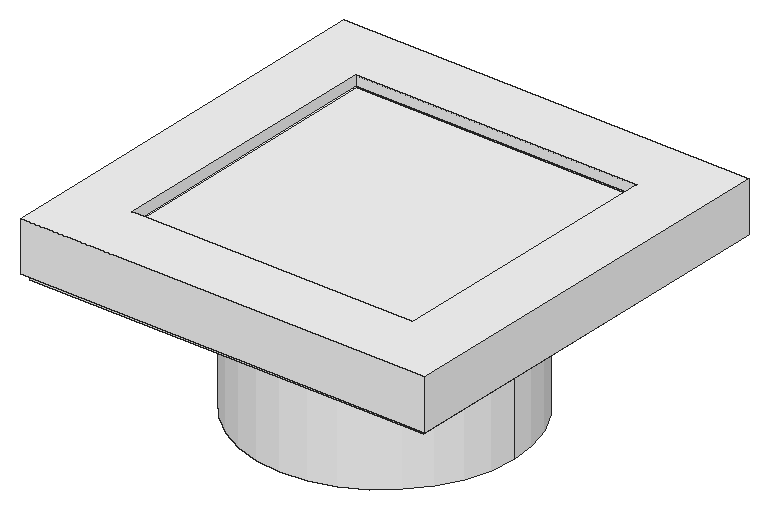
Revit family "Gira_029626", category Electrical Fixtures, host Face, Revit 2017
Family settings
  Host = Face
  Maintain Annotation Orientation = Yes
  Round Connector Dimension = Use Diameter
  Part Type = Normal
  Cut with Voids When Loaded = No
  Shared = No
  Room Calculation Point = No
Parameters (values of type "Rocker System 55 c.alum.")
  With exchangeable lens/symbol = "No"
  White [instance] = White
  URL = "http://katalog.gira.de/en/datenblatt.html?artikelnr=029626"
  Suitable for touch sensor connector for bus system = "Yes"
  Scannable symbol / barrier free = "No"
  Name = "Rocker System 55 c.alum."
  Monitoring window/light outlet = "No"
  Model = "Single rocker"
  Manufacturer URL = "https://www.gira.de/"
  Manufacturer = "Gira"
  HeinzeBIM = "https://bimportal.heinze.de/bim/rocker-system-55-c-alum-/56d43522043e4e47e9ce2112e4aa0c4ce696ad54"
  HAN = "029626"
  GTIN = "4010337296263"
  Description = "Rock. Sys55 CAl,Rocker,,colour aluminium,"
  Default Elevation = 1219.2 mm
  Data sheet (1) = "https://katalog.gira.de/en/download.html?artikelnr=029626"
  Category = "Control element/cover plate for domestic switching devices"
  BIM (1) = "https://media.stage.bim.site/public/gira/36a6b08/Sys55_Komplettgerät_Schalten und Tasten.rfa?public/gira/36a6b08/Sys55_Komplettgerät_Schalten und Tasten.rfa"
  Available = "No"
Reference planes
  plane 1 "Center (Front/Back)": y = 0
  plane 2: z = 0
  plane 3 "Center (Left/Right)": x = 0
Forms (mm)
  Extrusion 1, solid, material "White" <- "White", detail levels medium
    sketch origin (0, 0, 0) x (1, 0, 0) y (0, 1, 0)
      loop
        line (-40.4, 40.4) -> (-40.4, -40.4) -> (40.4, -40.4) -> (40.4, 40.4) -> (-40.4, 40.4)
      loop
        line (-28, 28) -> (-28, -28) -> (28, -28) -> (28, 28) -> (-28, 28)
    from 0 to 10
  Extrusion 2, solid, material "White" <- "White", detail levels fine
    sketch origin (0, 0, 0) x (1, 0, 0) y (0, 1, 0)
      loop
        line (-40.4, 40.4) -> (-40.4, -40.4) -> (40.4, -40.4) -> (40.4, 40.4) -> (-40.4, 40.4)
      loop
        line (-28, 28) -> (-28, -28) -> (28, -28) -> (28, 28) -> (-28, 28)
    from 0 to 10
  Extrusion 3, void
    sketch origin (0, 0, 0) x (1, 0, 0) y (0, 1, 0)
      loop
        line (-38.4, 38.4) -> (-38.4, -38.4) -> (38.4, -38.4) -> (38.4, 38.4) -> (-38.4, 38.4)
    from 0 to 8
  Extrusion 4, solid, material "White" <- "White", detail levels medium+fine
    sketch origin (0, 0, 0) x (1, 0, 0) y (0, 1, 0)
      loop
        line (-39.4, 39.4) -> (-39.4, -39.4) -> (39.4, -39.4) -> (39.4, 39.4) -> (-39.4, 39.4)
    from 0 to -1
  Extrusion 5, solid, material "White" <- "White", detail levels medium+fine
    sketch origin (0, 0, 0) x (1, 0, 0) y (0, 1, 0)
      loop
        line (-35.5, 35.5) -> (-35.5, -35.5) -> (35.5, -35.5) -> (35.5, 35.5) -> (-35.5, 35.5)
    from -2 to -3
  Extrusion 6, solid, material "White" <- "White", detail levels medium+fine
    sketch origin (0, 0, 0) x (1, 0, 0) y (0, 1, 0)
      loop
        circle (0, 0) r 26
    from 0 to -27.5
  Extrusion 7, solid, material "White" <- "White", detail levels coarse
    sketch origin (0, 0, 0) x (1, 0, 0) y (0, 1, 0)
      loop
        line (-40.4, 40.4) -> (-40.4, -40.4) -> (40.4, -40.4) -> (40.4, 40.4) -> (-40.4, 40.4)
    from -27.5 to 10
Cuts and joins
  Extrusion 3 cuts Extrusion 2
Dimensions and locks
  aligned and locked: plane 2 to host face
  aligned and locked: level to host face
  aligned and locked: plane 3 "Center (Left/Right)" to nested 2
  aligned and locked: plane 1 "Center (Front/Back)" to nested 2
Nested families
  nested 1: "Sys55_Abdeckung_Schalten und Tasten_floor_base" at (0, 0, 0), type "Sys55_Abdeckung_Schalten und Tasten_floor_base"
  nested 2: "Schalter" at (0, 0, 0), type "Schalter"
Connectors
  electrical at (0, 0, -27.5)
    settings: on Extrusion 6, index 1, voltage 220 V, apparent load 0 VA, apparent load phase1 0 VA, apparent load phase2 0 VA, apparent load phase3 0 VA, power factor 1, load classification "Other", number of poles 1, system type 30, power factor state 1, is connector primary yes, connector utility no, sub classification motor no, connector description ""
Definition of nested family "Sys55_Abdeckung_Schalten und Tasten_floor_base"
  Parameters
    Default Elevation = 1219.2 mm
    White [instance] = none
  Reference planes
    plane 1 "Center (Front/Back)": y = 0
    plane 2: z = 0
    plane 3 "Center (Left/Right)": x = 0
  Forms (mm)
    Extrusion 1, solid
      sketch origin (0, 0, 0) x (1, 0, 0) y (0, 1, 0)
        loop
          line (-1219.2, 1219.2) -> (-1219.2, -1219.2) -> (1219.2, -1219.2) -> (1219.2, 1219.2) -> (-1219.2, 1219.2)
      from 0 to -304.8
    Extrusion 2, solid, material <- "White", detail levels fine
      sketch origin (0, 0, 0) x (1, 0, 0) y (0, 1, 0)
        loop
          line (-27.5, 27.5) -> (-27.5, -27.5) -> (27.5, -27.5) -> (27.5, 27.5) -> (-27.5, 27.5)
      from 0 to 8
    Extrusion 3, void
      sketch origin (0, 0, 0) x (1, 0, 0) y (0, 1, 0)
        loop
          line (26, 26) -> (-26, 26) -> (-26, -26) -> (26, -26) -> (26, 26)
      from 0 to 6
    Extrusion 4, solid, material <- "White", detail levels medium
      sketch origin (0, 0, 0) x (1, 0, 0) y (0, 1, 0)
        loop
          line (-27.5, 27.5) -> (-27.5, -27.5) -> (27.5, -27.5) -> (27.5, 27.5) -> (-27.5, 27.5)
      from 0 to 8
    Extrusion 5, solid, material <- "White", detail levels medium
      sketch origin (0, 0, 0) x (1, 0, 0) y (0, 1, 0)
        loop
          line (11, -17.5) -> (11, 17.5) -> (-11, 17.5) -> (-11, -17.5) -> (11, -17.5)
      from -6 to 6
    Extrusion 6, solid, material <- "White", detail levels fine
      sketch origin (0, 0, 0) x (1, 0, 0) y (0, 1, 0)
        loop
          line (11, 17.5) -> (-11, 17.5) -> (-11, 16.5) -> (11, 16.5) -> (11, 17.5)
        loop
          line (-11, -16.5) -> (-11, -17.5) -> (11, -17.5) -> (11, -16.5) -> (-11, -16.5)
      from -4 to 6
    Extrusion 7, solid, material <- "White", detail levels fine
      sketch origin (0, 0, 0) x (1, 0, 0) y (0, 1, 0)
        loop
          arc (5, 9.347) -> (0, 10.6) -> (-5, 9.347) r 10.6
          line (-5, 9.347) -> (-5, -9.347)
          arc (-5, -9.347) -> (0, -10.6) -> (5, -9.347) r 10.6
          line (5, -9.347) -> (5, 9.347)
      from -6 to 6
    Extrusion 8, solid, material <- "White", detail levels coarse
      sketch origin (0, 0, 0) x (1, 0, 0) y (0, 1, 0)
        loop
          line (-27.5, 27.5) -> (-27.5, -27.5) -> (27.5, -27.5) -> (27.5, 27.5) -> (-27.5, 27.5)
      from -6 to 8
  Cuts and joins
    Extrusion 3 cuts Extrusion 2
  Dimensions and locks
    aligned and locked: plane 2 to Extrusion 1
    aligned and locked: level to Extrusion 1
Definition of nested family "Schalter"
  Reference planes
    plane 1: y = 0
    plane 2: x = 0
  Lines and regions (mm)
    detail lines
      curve 1: circle (1.375, 2.778, 0) r 0.8 normal (0, 0, 1)
      curve 2: line (1.021, 2.061, 0) -> (0, 0, 0)
      curve 3: line (0, 0, 0) -> (-0.538, 0.266, 0)
  Dimensions and locks
    curve 2 to curve 2 = 2.3 mm
    curve 3 to curve 2 = 0.6 mm
    radius of curve 1 = 0.8 mm
